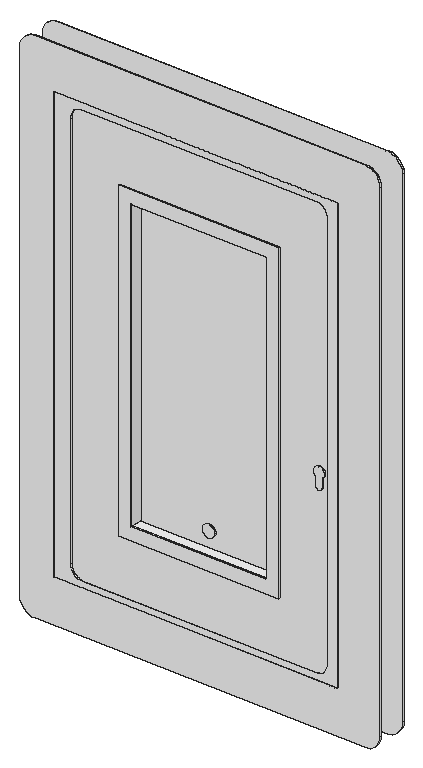
Revit family "KingswayGroup_HtchSstms_ClinicRoomHatchWithVisionPanel", category Specialty Equipment, Revit 2020
Family settings
  Round Connector Dimension = Use Diameter
  Part Type = Normal
  Work Plane-Based = No
  Always vertical = No
  Cut with Voids When Loaded = No
  Shared = No
  Room Calculation Point = No
Parameters (values of type "KG171 Door Hatch for 44mm Door")
  VisionPanelMaterial = NBS_Concept
  URL = "https://kingswaygroupglobal.com/"
  Model = ModelNumber  # "KG171"
  HatchMaterial = NBS_Concept
  WarrantyStartDate [instance] = "1900-12-31T23:59:59"
  WarrantyGuarantorParts = "sales@kingswaygroup.co.uk"  # constant formula
  WarrantyGuarantorLabor = "n/a"
  WarrantyDurationUnit = "year"  # constant formula
  WarrantyDurationParts = "5"  # constant formula
  WarrantyDurationLabor = "n/a"
  WarrantyDescription = "5-Year Guarantee *For faulty manufacture and not for damage"  # constant formula
  Version = "1"
  Uniclass2015Version = "Products v1.36"  # constant formula
  Uniclass2015Title = "Hatch systems"  # constant formula
  Uniclass2015Code = "Ss_25_30_20_35"  # constant formula
  TagNumber [instance] = "n/a"
  SustainabilityPerformance = "n/a"
  Size = "584 x 846 x 44 mm"
  Shape = "n/a"
  SerialNumber [instance] = "n/a"
  Revision = "n/a"
  ReplacementCost = "n/a"
  ProductInformation = "https://kingswaygroupglobal.com/product/clinic-room-hatch-with-vision-panel?noredirect=true"
  NominalWidth = DoorThickness  # 44 mm
  NominalLength = 584 mm  # constant formula
  NominalHeight = 846 mm  # constant formula
  Name = "HatchSystems_ClinicRoomHatchWithVisionPanel_KG171_KingswayGroup"
  ModelReference = "Clinic Room Hatch With Vision Panel"  # constant formula
  ModelNumber = "KG171"
  PlateMaterial = NBS_Concept
  Material = "For full range of available material, contact Kingsway Group"  # constant formula
  ManufacturerURL = "https://kingswaygroupglobal.com/"
  ManufacturerName = "Kingsway Group"  # constant formula
  Manufacturer = ManufacturerName  # "Kingsway Group"
  InstallationDate [instance] = "1900-12-31T23:59:59"
  IfcExportType = "n/a"
  IfcExportAs = "n/a"
  Grade = "n/a"
  Finish = "For full range of available finishes and colours, contact Kingsway Group"  # constant formula
  Features = "A secure door hatch with Vision Panel to provide a safe serving solution with the added benefit of observation capabilities. The hatch allows for communication or for items to be passed out of a secure room without needing to open the door leaf to increase staff safety in high risk areas. It is flush to the patient side with no visible fixings and can be fitted with a folding serving shelf to the staff side."  # constant formula
  ExpectedLife = "n/a"
  DurationUnit = "year"  # constant formula
  DoorThickness = if(DoorThickness44mm, 44 mm, 54 mm)  # 44 mm
  Description = "Anti-Ligature Secure Observation Door Hatch for 44mm Door"
  Default Elevation = 0 mm
  Constituents = "n/a"
  Color = "For full range of available finishes and colours, contact Kingsway Group"  # constant formula
  CodePerformance = "n/a"
  Category = "Ss_25_30_20_35:Hatch systems"  # constant formula
  BarCode [instance] = "n/a"
  BIMObjectName = "KingswayGroup_HatchSystems_ClinicRoomHatchWithVisionPanel"  # constant formula
  Author = "Kingsway Group"  # constant formula
  AssetType = "Fixed"
  AssetIdentifier [instance] = "n/a"
  AccessibilityPerformance = "n/a"
  DoorThickness54mm = no
  DoorThickness44mm = yes
Types (3, lengths in mm): name | Model | Size | NominalWidth | Name | ModelNumber | DoorThickness | Description | DoorThickness54mm | DoorThickness44mm
  (no name) | "KG171" | "584 x 846 x 44 mm" | 44 | "HatchSystems_ClinicRoomHatchWithVisionPanel_KG171_KingswayGroup" | "KG171" | 44 | "Anti-Ligature Secure Observation Door Hatch for 44mm Door" | no | yes
  KG172 Door Hatch for 54mm Door | "KG172" | "584 x 846 x 54 mm" | 54 | "HatchSystems_ClinicRoomHatchWithVisionPanel_KG172_KingswayGroup" | "KG172" | 54 | "Anti-Ligature Secure Observation Door Hatch for 54mm Door" | yes | no
  KG171 Door Hatch for 44mm Door | "KG171" | "584 x 846 x 44 mm" | 44 | "HatchSystems_ClinicRoomHatchWithVisionPanel_KG171_KingswayGroup" | "KG171" | 44 | "Anti-Ligature Secure Observation Door Hatch for 44mm Door" | no | yes
Reference planes
  plane 1 "Center (Front/Back)": y = 0
  plane 2: z = 0
  plane 3 "Center (Left/Right)": x = 0
  plane 4: y = 2
  plane 5: y = 46
  plane 6: y = 48
  plane 7: y = 46
  plane 8: y = 48
  plane 9: y = 2
  plane 10: y = 29
  plane 11: y = 19
  plane 12: y = 24
Forms (mm)
  Extrusion 1, solid, material "NBS_Concept" <- "PlateMaterial"
    sketch origin (-4.63, 0, -7.469) x (1, 0, 0) y (0, 0, 1)
      loop
        line (271.629, 430.47) -> (-262.369, 430.47)
        arc (-262.369, 430.47) -> (-280.049, 423.147) -> (-287.372, 405.467) r 25.003
        line (-287.372, 405.467) -> (-287.372, -390.529)
        arc (-287.372, -390.529) -> (-280.049, -408.206) -> (-262.372, -415.529) r 25
        line (-262.372, -415.529) -> (271.629, -415.529)
        arc (271.629, -415.529) -> (289.306, -408.207) -> (296.628, -390.529) r 25
        line (296.628, -390.529) -> (296.628, 405.47)
        arc (296.628, 405.47) -> (289.306, 423.148) -> (271.629, 430.47) r 25
      loop
        line (213.63, 350.469) -> (-204.37, 350.469) -> (-204.37, -335.531) -> (213.63, -335.531) -> (213.63, 350.469)
    from -48 to -46
  Extrusion 2, solid, material "NBS_Concept" <- "PlateMaterial"
    sketch origin (-4.63, -46, -7.469) x (1, 0, 0) y (0, 0, 1)
      loop
        line (271.629, 430.47) -> (-262.369, 430.47)
        arc (-262.369, 430.47) -> (-280.049, 423.147) -> (-287.372, 405.467) r 25.003
        line (-287.372, 405.467) -> (-287.372, -390.529)
        arc (-287.372, -390.529) -> (-280.049, -408.206) -> (-262.372, -415.529) r 25
        line (-262.372, -415.529) -> (271.629, -415.529)
        arc (271.629, -415.529) -> (289.306, -408.207) -> (296.628, -390.529) r 25
        line (296.628, -390.529) -> (296.628, 405.47)
        arc (296.628, 405.47) -> (289.306, 423.148) -> (271.629, 430.47) r 25
      loop
        line (228.629, 360.47) -> (-232.372, 360.47) -> (-232.372, -345.529) -> (228.629, -345.529) -> (228.629, 360.47)
    from -48 to -46
  Extrusion 3, solid, material "NBS_Concept" <- "PlateMaterial"
    sketch origin (0, 0, -7.469) x (1, 0, 0) y (0, 0, 1)
      loop
        line (-237.002, 360.47) -> (-237.002, -345.529) -> (223.999, -345.529) -> (223.999, 360.47) -> (-237.002, 360.47)
      loop
        line (220.999, 357.47) -> (-234.002, 357.47) -> (-234.002, -342.529) -> (220.999, -342.529) -> (220.999, 357.47)
    from -48 to -46
  Extrusion 4, solid, material "NBS_Concept" <- "PlateMaterial"
    sketch origin (0, 0, -7.469) x (1, 0, 0) y (0, 0, 1)
      loop
        line (-236.002, 359.47) -> (-236.002, -344.529) -> (222.999, -344.529) -> (222.999, 359.47) -> (-236.002, 359.47)
      loop
        line (220.999, -342.529) -> (220.999, 357.47) -> (-234.002, 357.47) -> (-234.002, -342.529) -> (220.999, -342.529)
    from -46 to -2
  Extrusion 5, solid, material "NBS_Concept" <- "PlateMaterial"
    sketch origin (0, 0, -7.469) x (1, 0, 0) y (0, 0, 1)
      loop
        line (-237.002, 360.47) -> (-237.002, -345.529) -> (223.999, -345.529) -> (223.999, 360.47) -> (-237.002, 360.47)
      loop
        line (225.999, 362.47) -> (-239.002, 362.47) -> (-239.002, -347.529) -> (225.999, -347.529) -> (225.999, 362.47)
    from -46 to -2
  Extrusion 6, solid, material "NBS_Concept" <- "PlateMaterial"
    sketch origin (0, 0, -7.469) x (1, 0, 0) y (0, 0, 1)
      loop
        line (-236.002, 359.47) -> (-236.002, -344.529) -> (222.999, -344.529) -> (222.999, 359.47) -> (-236.002, 359.47)
      loop
        line (207.999, -315.503) -> (207.999, 330.5)
        arc (207.999, 330.5) -> (202.141, 344.642) -> (187.998, 350.5) r 20
        line (187.998, 350.5) -> (-189.998, 350.5)
        arc (-189.998, 350.5) -> (-204.143, 344.641) -> (-210.001, 330.497) r 20.003
        line (-210.001, 330.497) -> (-210.001, -315.499)
        arc (-210.001, -315.499) -> (-204.143, -329.642) -> (-190.001, -335.5) r 20.001
        line (-190.001, -335.5) -> (188.001, -335.5)
        arc (188.001, -335.5) -> (202.141, -329.643) -> (207.999, -315.503) r 19.997
    from -2 to 0
  Extrusion 7, solid, material "NBS_Concept" <- "HatchMaterial"
    sketch origin (0, 0, -7.469) x (1, 0, 0) y (0, 0, 1)
      loop
        line (-234.002, 357.47) -> (-234.002, -342.529) -> (220.999, -342.529) -> (220.999, 357.47) -> (-234.002, 357.47)
    from -46 to -2
  Extrusion 8, solid, material "NBS_Concept" <- "PlateMaterial"
    sketch origin (0, 0, -7.469) x (1, 0, 0) y (0, 0, 1)
      loop
        arc (199.498, -48.48) -> (194.248, -32.73) -> (188.998, -48.48) r 8.75
        line (188.998, -48.48) -> (188.998, -61.481)
        arc (188.998, -61.481) -> (194.248, -66.731) -> (199.498, -61.481) r 5.25
        line (199.498, -61.481) -> (199.498, -48.48)
    from 0 to 1.133
  Extrusion 9, solid, material "NBS_Concept" <- "HatchMaterial"
    sketch origin (0, 0, -7.469) x (1, 0, 0) y (0, 0, 1)
      loop
        line (-131.409, 262.102) -> (-131.409, -247.898) -> (128.591, -247.898) -> (128.591, 262.102) -> (-131.409, 262.102)
      loop
        line (108.591, 242.102) -> (-111.409, 242.102) -> (-111.409, -227.898) -> (108.591, -227.898) -> (108.591, 242.102)
    from -49 to 1
  Extrusion 10, void
    sketch origin (0, 0, -7.469) x (1, 0, 0) y (0, 0, 1)
      loop
        line (-111.409, 242.102) -> (-111.409, -227.898) -> (108.591, -227.898) -> (108.591, 242.102) -> (-111.409, 242.102)
    from -59 to 1
  Extrusion 11, solid, material "NBS_Concept" <- "VisionPanelMaterial"
    sketch origin (0, 0, -7.469) x (1, 0, 0) y (0, 0, 1)
      loop
        line (-111.409, 242.102) -> (-111.409, -227.898) -> (108.591, -227.898) -> (108.591, 242.102) -> (-111.409, 242.102)
    from -29 to -19
  Extrusion 12, solid, material "NBS_Concept" <- "PlateMaterial"
    sketch origin (0, 0, -7.469) x (1, 0, 0) y (0, 0, 1)
      loop
        circle (0, -202.898) r 10
    from -30 to -18
Cuts and joins
  joined: Extrusion 4, Extrusion 6
  joined: Extrusion 1, Extrusion 2, Extrusion 3, Extrusion 5
  Extrusion 10 cuts Extrusion 7
  Extrusion 10 cuts Extrusion 9
Dimensions and locks
  locked: plane 8 to plane 7 at 2
  locked: plane 9 to plane 1 "Center (Front/Back)" at 2
  "DoorThickness": plane 7 to plane 9
  locked: plane 6 to plane 5 at 2
  "DoorThickness": plane 5 to plane 9
  cut or joined group of Extrusion 1, Extrusion 2, Extrusion 3, Extrusion 5 to cut or joined group of Extrusion 1, Extrusion 2, Extrusion 3, Extrusion 5 = 845.999 mm
  cut or joined group of Extrusion 1, Extrusion 2, Extrusion 3, Extrusion 5 to cut or joined group of Extrusion 1, Extrusion 2, Extrusion 3, Extrusion 5 = 584 mm
  cut or joined group of Extrusion 4, Extrusion 6 to cut or joined group of Extrusion 4, Extrusion 6 = 418 mm
  cut or joined group of Extrusion 4, Extrusion 6 to cut or joined group of Extrusion 4, Extrusion 6 = 686 mm
  locked: Extrusion 9 to plane 8 at 1
  locked: Extrusion 9 to plane 1 "Center (Front/Back)" at 1
  locked: Extrusion 11 to Extrusion 11 at 10
  plane 10 to plane 12 to plane 11 = 5 mm locked, 5 mm locked
  equal spacing: plane 7, plane 12, plane 9
  locked: Extrusion 12 to plane 10 at 1
  locked: Extrusion 12 to plane 11 at 1
  aligned and locked: level to plane 2
  aligned and locked: Extrusion 5 to Extrusion 1
  aligned and locked: Extrusion 5 to plane 4
  aligned and locked: plane 7 to cut or joined group of Extrusion 1, Extrusion 2, Extrusion 3, Extrusion 5
  aligned and locked: plane 8 to cut or joined group of Extrusion 1, Extrusion 2, Extrusion 3, Extrusion 5
  aligned and locked: plane 9 to cut or joined group of Extrusion 1, Extrusion 2, Extrusion 3, Extrusion 5
  aligned and locked: Extrusion 7 to plane 5
  aligned and locked: Extrusion 1 to Extrusion 3  (x2)
  aligned and locked: Extrusion 4 to plane 5
  aligned and locked: plane 10 to Extrusion 11
  aligned and locked: plane 11 to Extrusion 11
Automatic sketch dimensions
  Extrusion 1 sketch curve to plane 3 "Center (Left/Right)" = 292.002 mm
  Extrusion 1 sketch curve to Extrusion 1 sketch curve = 25 mm  (x2)
  Extrusion 1 sketch curve to Extrusion 1 sketch curve = 25.003 mm
  Extrusion 1 sketch curve to Extrusion 1 sketch curve = 57.999 mm  (x3)
  plane 3 "Center (Left/Right)" to Extrusion 1 sketch curve = 209 mm
  Extrusion 1 sketch curve to Extrusion 1 sketch curve = 54.998 mm  (x2)
  level to Extrusion 1 sketch curve = 343 mm
  Extrusion 2 sketch curve to plane 3 "Center (Left/Right)" = 292.002 mm
  Extrusion 2 sketch curve to Extrusion 2 sketch curve = 25 mm  (x2)
  Extrusion 2 sketch curve to Extrusion 2 sketch curve = 25.003 mm
  Extrusion 2 sketch curve to Extrusion 2 sketch curve = 29.997 mm
  plane 3 "Center (Left/Right)" to Extrusion 2 sketch curve = 223.999 mm
  Extrusion 2 sketch curve to Extrusion 2 sketch curve = 43 mm  (x2)
  Extrusion 2 sketch curve to level = 422.998 mm
  Extrusion 2 sketch curve to Extrusion 2 sketch curve = 45 mm
  level to Extrusion 2 sketch curve = 353.001 mm
  Extrusion 2 sketch curve to Extrusion 2 sketch curve = 44.997 mm
  Extrusion 3 sketch curve to plane 3 "Center (Left/Right)" = 237.002 mm
  Extrusion 3 sketch curve to Extrusion 3 sketch curve = 3 mm  (x4)
  plane 3 "Center (Left/Right)" to Extrusion 3 sketch curve = 220.999 mm
  Extrusion 3 sketch curve to level = 352.998 mm
  level to Extrusion 3 sketch curve = 350.001 mm
  Extrusion 4 sketch curve to plane 3 "Center (Left/Right)" = 236.002 mm
  Extrusion 4 sketch curve to Extrusion 4 sketch curve = 2 mm  (x4)
  plane 3 "Center (Left/Right)" to Extrusion 4 sketch curve = 220.999 mm
  Extrusion 4 sketch curve to level = 351.998 mm
  level to Extrusion 4 sketch curve = 350.001 mm
  Extrusion 5 sketch curve to plane 3 "Center (Left/Right)" = 239.002 mm
  Extrusion 5 sketch curve to Extrusion 5 sketch curve = 2 mm  (x4)
  plane 3 "Center (Left/Right)" to Extrusion 5 sketch curve = 223.999 mm
  Extrusion 5 sketch curve to level = 354.998 mm
  level to Extrusion 5 sketch curve = 353.001 mm
  Extrusion 6 sketch curve to plane 3 "Center (Left/Right)" = 236.002 mm
  Extrusion 6 sketch curve to Extrusion 6 sketch curve = 26 mm
  Extrusion 6 sketch curve to Extrusion 6 sketch curve = 20.001 mm
  Extrusion 6 sketch curve to Extrusion 6 sketch curve = 20.003 mm
  plane 3 "Center (Left/Right)" to Extrusion 6 sketch curve = 187.998 mm
  plane 3 "Center (Left/Right)" to Extrusion 6 sketch curve = 188.001 mm
  Extrusion 6 sketch curve to Extrusion 6 sketch curve = 20 mm
  Extrusion 6 sketch curve to Extrusion 6 sketch curve = 15 mm
  Extrusion 6 sketch curve to level = 351.998 mm
  Extrusion 6 sketch curve to Extrusion 6 sketch curve = 9.029 mm
  level to Extrusion 6 sketch curve = 323.027 mm
  Extrusion 6 sketch curve to Extrusion 6 sketch curve = 28.974 mm
  Extrusion 7 sketch curve to plane 3 "Center (Left/Right)" = 234.002 mm
  plane 3 "Center (Left/Right)" to Extrusion 7 sketch curve = 220.999 mm
  Extrusion 7 sketch curve to level = 349.998 mm
  level to Extrusion 7 sketch curve = 350.001 mm
  Extrusion 8 sketch curve to level = 68.95 mm
  plane 3 "Center (Left/Right)" to Extrusion 8 sketch curve = 188.998 mm
  Extrusion 8 sketch curve to Extrusion 8 sketch curve = 5.25 mm  (x2)
  Extrusion 8 sketch curve to Extrusion 8 sketch curve = 13.001 mm
  Extrusion 8 sketch curve to Extrusion 8 sketch curve = 7 mm
  Extrusion 9 sketch curve to plane 3 "Center (Left/Right)" = 131.409 mm
  Extrusion 9 sketch curve to Extrusion 9 sketch curve = 20 mm  (x4)
  plane 3 "Center (Left/Right)" to Extrusion 9 sketch curve = 108.591 mm
  Extrusion 9 sketch curve to level = 255.367 mm
  level to Extrusion 9 sketch curve = 234.633 mm
  Extrusion 10 sketch curve to plane 3 "Center (Left/Right)" = 111.409 mm
  plane 3 "Center (Left/Right)" to Extrusion 10 sketch curve = 108.591 mm
  Extrusion 10 sketch curve to level = 235.367 mm
  level to Extrusion 10 sketch curve = 234.633 mm
  Extrusion 11 sketch curve to plane 3 "Center (Left/Right)" = 111.409 mm
  plane 3 "Center (Left/Right)" to Extrusion 11 sketch curve = 108.591 mm
  Extrusion 11 sketch curve to level = 235.367 mm
  level to Extrusion 11 sketch curve = 234.633 mm
  Extrusion 12 sketch curve to plane 3 "Center (Left/Right)" = 0 mm
  Extrusion 12 sketch curve to level = 210.367 mm
  Extrusion 1 sketch curve to level = 343 mm
  radius of Extrusion 12 sketch curve = 10 mm
